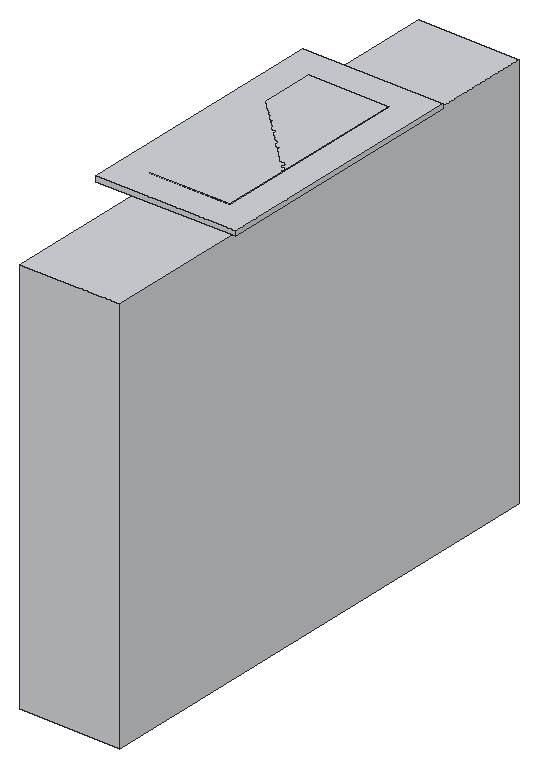
Revit family "XXX_RLT-Gerät_Anschlusselement Oben", category HLS-Bauteile, Revit 2014
Parameters (values of type "Allgemein")
  RLT_Gerät_Anschlusshöhe = 20 mm
  Breite = 200 mm
  Druckverlust [instance] = 0.00 in-wg
  Länge = 100 mm
  Anschlusslänge = 80 mm
  Flanschstärke = 5 mm
  Flanschbreite = 30 mm
  Widerstandsbeiwert [instance] = 0
  Grundkörperbreite = 500 mm
  Grundkörperhöhe = 400 mm
Reference planes
  plane 1 "Mitte (Vorne/Hinten)": y = 0
  plane 2: z = 0
  plane 3 "Mitte (Links/Rechts)": x = 0
  plane 4: y = 250
  plane 5: y = -250
  plane 6: x = -50
  plane 7: x = 50
  plane 8: z = 200
  plane 9: z = -200
  plane 10: x = -40
  plane 11: x = 40
  plane 12: y = -130
  plane 13: y = 130
  plane 14: y = 100
  plane 15: y = -100
  plane 16: x = -70
  plane 17: x = 70
  plane 18: z = 215
  plane 19: z = 220
Forms (mm)
  Extrusion 1, solid, detail levels medium+fine
    sketch origin (-50, 397.271, 1219.2) x (0, 1, 0) y (0, 0, 1)
      loop
        line (-147.271, -1019.2) -> (-647.271, -1019.2) -> (-647.271, -1419.2) -> (-147.271, -1419.2) -> (-147.271, -1019.2)
    from 0 to 100
  Extrusion 2, solid, detail levels fine
    sketch origin (-171.263, -4572, 205) x (-1, 0, 0) y (0, -1, 0)
      loop
        line (-101.263, -4702) -> (-101.263, -4442) -> (-241.263, -4442) -> (-241.263, -4702) -> (-101.263, -4702)
    from 10 to 15
  Extrusion 3, solid, detail levels medium+fine
    sketch origin (0, 334.234, 200) x (0, 1, 0) y (-1, 0, 0)
      loop
        line (-234.234, 40) -> (-434.234, 40) -> (-434.234, -40) -> (-234.234, -40) -> (-234.234, 40)
    from 0 to 20
Lines and regions (mm)
  model lines, detail levels coarse
    curve 1: line (-50, 250, 0) -> (50, 250, 0)
    curve 2: line (-50, -250, 0) -> (-50, 250, 0)
    curve 3: line (50, -250, 0) -> (-50, -250, 0)
    curve 4: line (50, 250, 0) -> (50, -250, 0)
    curve 5: line (-50, 0, 200) -> (50, 0, 200)
    curve 6: line (-50, 0, -200) -> (-50, 0, 200)
    curve 7: line (50, 0, -200) -> (-50, 0, -200)
    curve 8: line (50, 0, 200) -> (50, 0, -200)
    curve 9: line (0, 250, 200) -> (0, -250, 200)
    curve 10: line (0, 250, -200) -> (0, 250, 200)
    curve 11: line (0, -250, -200) -> (0, 250, -200)
    curve 12: line (0, -250, 200) -> (0, -250, -200)
    curve 13: line (0, 0, 220) -> (0, 0, 0)
Dimensions and locks
  equal spacing: plane 6, plane 3 "Mitte (Links/Rechts)", plane 7
  "Länge": plane 6 to plane 7
  equal spacing: plane 5, plane 1 "Mitte (Vorne/Hinten)", plane 4
  equal spacing: plane 8, level, plane 9
  "Grundkörperhöhe": plane 8 to plane 9
  "Grundkörperbreite": plane 5 to plane 4
  equal spacing: plane 10, plane 3 "Mitte (Links/Rechts)", plane 11
  equal spacing: plane 13, plane 1 "Mitte (Vorne/Hinten)", plane 12
  "Breite": plane 14 to plane 15
  "Flanschbreite": plane 13 to plane 14
  "Flanschbreite": plane 15 to plane 12
  "Anschlusslänge": plane 10 to plane 11
  "Flanschbreite": plane 16 to plane 10
  "Flanschbreite": plane 11 to plane 17
  "Flanschstärke": plane 19 to plane 18
  "RLT_Gerät_Anschlusshöhe": plane 19 to plane 8
  aligned and locked: plane 2 to level
  aligned and locked: plane 7 to Extrusion 1
  aligned and locked: Extrusion 1 to plane 6
  aligned and locked: plane 8 to Extrusion 1
  aligned and locked: plane 9 to Extrusion 1
  aligned and locked: plane 5 to Extrusion 1
  aligned and locked: plane 4 to Extrusion 1
  aligned and locked: curve 2 to Extrusion 1
  aligned and locked: curve 4 to Extrusion 1
  aligned and locked: curve 5 to Extrusion 1
  aligned and locked: curve 6 to Extrusion 1
  aligned and locked: curve 7 to Extrusion 1
  aligned and locked: curve 8 to Extrusion 1
  aligned and locked: curve 9 to Extrusion 1
  aligned and locked: curve 11 to Extrusion 1
  aligned and locked: Extrusion 2 sketch curve to plane 13
  aligned and locked: plane 12 to Extrusion 2 sketch curve
  aligned and locked: plane 17 to Extrusion 2
  aligned and locked: plane 19 to Extrusion 2
  aligned and locked: Extrusion 2 to plane 18
  aligned and locked: Extrusion 3 sketch curve to plane 14
  aligned and locked: plane 10 to Extrusion 3 sketch curve
  aligned and locked: plane 15 to Extrusion 3 sketch curve
  aligned and locked: Extrusion 3 sketch curve to plane 11
  aligned and locked: Extrusion 3 to plane 8
  aligned and locked: plane 19 to curve 13
  aligned and locked: level to curve 13
  aligned and locked: curve 13 to plane 1 "Mitte (Vorne/Hinten)"
  aligned and locked: plane 19 to Extrusion 3
Automatic sketch dimensions
  Extrusion 1 sketch curve to plane 5 = 0 mm
  Extrusion 1 sketch curve to plane 4 = 0 mm
  plane 9 to Extrusion 1 sketch curve = 0 mm
  Extrusion 1 sketch curve to plane 8 = 0 mm
  curve 1 to plane 4 = 0 mm
  plane 5 to curve 3 = 0 mm
  Extrusion 2 sketch curve to plane 10 = 30 mm
  plane 11 to Extrusion 2 sketch curve = 30 mm
  curve 9 to plane 5 = 0 mm
  curve 10 to plane 4 = 0 mm
Connectors
  hvac at (50, 0, 0), driven by "Grundkörperbreite", driven by "Grundkörperhöhe", driven by "Widerstandsbeiwert"
    settings: on Extrusion 1, index 1, duct flow 0 CFM, flow factor 0, pres drop 0.00 in-wg, loss coef 0, conn angle 0.00°, conn width 500 mm, conn height 400 mm, conn diameter 609.6 mm, duct sys type 29, conn prof type 1, flow config 0, flow direction 0, loss method 6, conn ref index 2, conn util no, is conn primary yes, conn desc ""
  hvac at (0, 0, 220), driven by "Breite", driven by "Anschlusslänge", driven by "Widerstandsbeiwert"
    settings: on Extrusion 2, index 2, duct flow 0 CFM, flow factor 0, pres drop 0.00 in-wg, loss coef 0, conn angle 0.00°, conn width 80 mm, conn height 200 mm, conn diameter 609.6 mm, duct sys type 29, conn prof type 1, flow config 0, flow direction 0, loss method 6, conn ref index 1, conn util no, is conn primary no, conn desc ""
